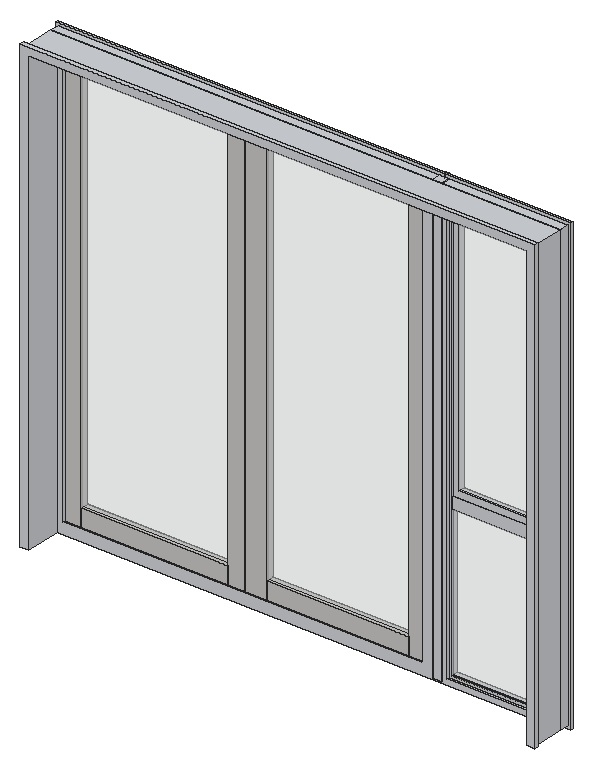
Revit family "APL Residential Thermal Heart French Door with Sidelight", category Doors, host Wall, Revit 2017 (continued)
Definition of nested family "APL Residential Thermal Heart French Door with Sidelight Horizontal Section"
  Definition of nested family "Coupling Bar"
    Definition of nested family "Frame Sash"
      Definition of nested family "65180_Sidelight Frame"
        Lines and regions (mm)
          model lines, in view "Ref. Level"
            curve 24: arc (-17.461, -31.812, 0) -> (-17.612, -31.906, 0) -> (-17.78, -31.961, 0) r 0.737
            curve 25: arc (-17.78, -31.961, 0) -> (-17.992, -32.058, 0) -> (-18.137, -32.24, 0) r 0.5
            curve 26: arc (-18.137, -32.24, 0) -> (-18.305, -33, 0) -> (-18.136, -33.76, 0) r 1.8
            curve 27: arc (-18.136, -33.76, 0) -> (-17.992, -33.942, 0) -> (-17.781, -34.039, 0) r 0.5
            curve 28: arc (-17.781, -34.039, 0) -> (-17.613, -34.094, 0) -> (-17.462, -34.187, 0) r 0.75
            curve 29: arc (-17.462, -34.187, 0) -> (-16.505, -34.525, 0) -> (-15.548, -34.187, 0) r 1.525
            curve 30: arc (-15.548, -34.187, 0) -> (-14.677, -34.143, 0) -> (-14.353, -34.952, 0) r 0.75
            curve 31: arc (-14.353, -34.952, 0) -> (-14.316, -35.123, 0) -> (-14.159, -35.2, 0) r 0.2
            curve 32: arc (-6.7, -35.2, 0) -> (-6.346, -35.053, 0) -> (-6.2, -34.7, 0) r 0.5
            curve 33: arc (-6.2, -32.7, 0) -> (-5.175, -30.225, 0) -> (-2.7, -29.2, 0) r 3.5
            curve 34: arc (-0.2, -29.2, 0) -> (-0.059, -29.141, 0) -> (0, -29, 0) r 0.2
            curve 35: arc (0, -28.883, 0) -> (0.199, -28.578, 0) -> (-0.043, -28.305, 0) r 0.3
            curve 36: arc (-0.043, -28.305, 0) -> (-0.181, -28.239, 0) -> (-0.268, -28.113, 0) r 0.3
            curve 37: arc (-0.782, -26.703, 0) -> (-0.738, -26.417, 0) -> (-0.474, -26.301, 0) r 0.3
            curve 38: arc (1.892, -26.508, 0) -> (1.992, -26.535, 0) -> (2.078, -26.595, 0) r 0.3
            curve 39: arc (2.441, -26.959, 0) -> (2.493, -27.152, 0) -> (2.352, -27.293, 0) r 0.2
            curve 40: arc (2.184, -27.338, 0) -> (2.095, -27.39, 0) -> (2.043, -27.479, 0) r 0.2
            curve 41: arc (1.5, -29.7, 0) -> (1.693, -29.98, 0) -> (2.024, -29.9, 0) r 0.3
            curve 42: arc (2.024, -29.9, 0) -> (2.125, -29.826, 0) -> (2.247, -29.8, 0) r 0.3
            curve 43: arc (6.25, -29.994, 0) -> (6.422, -29.958, 0) -> (6.5, -29.8, 0) r 0.2
            curve 44: arc (6.5, -29.279, 0) -> (6.489, -29.198, 0) -> (6.456, -29.123, 0) r 0.3
            curve 45: arc (5.691, -27.869, 0) -> (5.521, -27.872, 0) -> (5.389, -27.766, 0) r 0.25
            curve 46: arc (5.337, -27.68, 0) -> (5.332, -27.428, 0) -> (5.55, -27.3, 0) r 0.25
            curve 47: arc (7.125, -27.3, 0) -> (7.522, -27.382, 0) -> (7.854, -27.615, 0) r 1
            curve 48: arc (7.854, -27.615, 0) -> (8, -27.678, 0) -> (8.146, -27.615, 0) r 0.2
            curve 49: arc (8.146, -27.615, 0) -> (8.477, -27.382, 0) -> (8.874, -27.3, 0) r 1
            curve 50: arc (10.45, -27.3, 0) -> (10.668, -27.427, 0) -> (10.663, -27.68, 0) r 0.25
            curve 51: arc (10.611, -27.766, 0) -> (10.479, -27.872, 0) -> (10.309, -27.869, 0) r 0.25
            curve 52: arc (9.544, -29.123, 0) -> (9.511, -29.198, 0) -> (9.5, -29.279, 0) r 0.3
            curve 53: arc (9.5, -29.8, 0) -> (9.578, -29.958, 0) -> (9.75, -29.994, 0) r 0.2
            curve 54: arc (13.753, -29.8, 0) -> (13.875, -29.826, 0) -> (13.976, -29.9, 0) r 0.3
            curve 55: arc (13.976, -29.9, 0) -> (14.307, -29.98, 0) -> (14.5, -29.7, 0) r 0.3
            curve 56: arc (13.957, -27.479, 0) -> (13.905, -27.39, 0) -> (13.816, -27.338, 0) r 0.2
            curve 57: arc (13.648, -27.293, 0) -> (13.507, -27.152, 0) -> (13.559, -26.959, 0) r 0.2
            curve 58: line (14.108, -26.508, 0) -> (16.474, -26.301, 0)
            curve 59: line (16.782, -26.703, 0) -> (16.268, -28.113, 0)
            curve 60: line (16, -28.883, 0) -> (16, -33, 0)
            curve 61: line (15.8, -33.2, 0) -> (15.5, -33.2, 0)
            curve 62: line (14.98, -32.9, 0) -> (14.345, -31.8, 0)
            curve 63: line (14.172, -31.7, 0) -> (-2.699, -31.7, 0)
            curve 64: line (-3.7, -32.7, 0) -> (-3.7, -34.764, 0)
            curve 65: line (-3.554, -35.118, 0) -> (1.791, -40.463, 0)
            curve 66: line (2.463, -40.755, 0) -> (14, -41.158, 0)
            curve 67: line (14, -41.158, 0) -> (14.935, -41.178, 0)
            curve 68: line (15.621, -40.835, 0) -> (15.953, -41.231, 0)
            curve 69: line (15.953, -41.231, 0) -> (16, -42.3, 0)
            curve 70: line (15.8, -42.5, 0) -> (2.243, -42.5, 0)
            curve 71: line (0.121, -41.621, 0) -> (-4.121, -37.379, 0)
            curve 72: line (-6.243, -36.5, 0) -> (-19, -36.5, 0)
            curve 73: line (-20, -35.5, 0) -> (-20, -29.708, 0)
            curve 74: line (-19.8, -29.5, 0) -> (-19, -29.5, 0)
            curve 75: line (-18.8, -29.7, 0) -> (-18.8, -29.995, 0)
            curve 76: line (-14.159, -35.2, 0) -> (-6.7, -35.2, 0)
            curve 77: line (-6.2, -34.7, 0) -> (-6.2, -32.7, 0)
            curve 78: line (-2.7, -29.2, 0) -> (-0.2, -29.2, 0)
            curve 79: line (-0.268, -28.113, 0) -> (-0.782, -26.703, 0)
            curve 80: line (-0.474, -26.301, 0) -> (1.892, -26.508, 0)
            curve 81: line (2.078, -26.595, 0) -> (2.441, -26.959, 0)
            curve 82: line (2.352, -27.293, 0) -> (2.184, -27.338, 0)
            curve 83: line (2.184, -27.338, 0) -> (1.51, -29.468, 0)
            curve 84: line (1.51, -29.468, 0) -> (1.5, -29.7, 0)
            curve 85: line (2.247, -29.8, 0) -> (5.475, -29.8, 0)
            curve 86: line (5.475, -29.8, 0) -> (6.25, -29.994, 0)
            curve 87: line (6.5, -29.8, 0) -> (6.5, -29.279, 0)
            curve 88: line (6.5, -29.279, 0) -> (5.691, -27.869, 0)
            curve 89: line (5.55, -27.3, 0) -> (7.125, -27.3, 0)
            curve 90: line (8.874, -27.3, 0) -> (10.45, -27.3, 0)
            curve 91: line (10.309, -27.869, 0) -> (9.544, -29.123, 0)
            curve 92: line (9.544, -29.123, 0) -> (9.5, -29.8, 0)
            curve 93: line (9.75, -29.994, 0) -> (10.5, -29.8, 0)
            curve 94: line (10.475, -29.806, 0) -> (13.753, -29.8, 0)
            curve 95: line (14.5, -29.546, 0) -> (13.957, -27.479, 0)
            curve 96: line (13.957, -27.479, 0) -> (13.648, -27.293, 0)
            curve 97: line (13.559, -26.959, 0) -> (13.922, -26.595, 0)
            curve 98: arc (5.6, -29.8, 0) -> (5.883, -29.683, 0) -> (6, -29.4, 0) r 0.4
            curve 99: arc (6, -29.107, 0) -> (5.986, -29.004, 0) -> (5.946, -28.907, 0) r 0.4
            curve 100: arc (5.061, -27.379, 0) -> (4.941, -27.089, 0) -> (4.9, -26.778, 0) r 1.2
            curve 101: arc (4.9, -25.855, 0) -> (4.719, -25.282, 0) -> (4.242, -24.916, 0) r 1
            curve 102: arc (2.063, -24.123, 0) -> (1.872, -23.976, 0) -> (1.8, -23.747, 0) r 0.4
            curve 103: arc (1.8, -21.053, 0) -> (1.872, -20.824, 0) -> (2.063, -20.677, 0) r 0.4
            curve 104: arc (4.242, -19.884, 0) -> (4.719, -19.518, 0) -> (4.9, -18.945, 0) r 1
            curve 105: arc (4.9, -18.022, 0) -> (4.941, -17.711, 0) -> (5.061, -17.421, 0) r 1.2
            curve 106: arc (5.946, -15.893, 0) -> (5.986, -15.796, 0) -> (6, -15.693, 0) r 0.4
            curve 107: arc (6, -15.4, 0) -> (5.883, -15.117, 0) -> (5.6, -15, 0) r 0.4
            curve 108: arc (2.2, -15, 0) -> (1.917, -15.117, 0) -> (1.8, -15.4, 0) r 0.4
            curve 109: arc (1.8, -15.693, 0) -> (1.814, -15.796, 0) -> (1.854, -15.893, 0) r 0.4
            curve 110: arc (2.739, -17.421, 0) -> (2.86, -17.715, 0) -> (2.9, -18.03, 0) r 1.2
            curve 111: arc (2.9, -18.03, 0) -> (2.847, -18.205, 0) -> (2.703, -18.316, 0) r 0.3
            curve 112: arc (0.263, -19.204, 0) -> (0.072, -19.351, 0) -> (0, -19.58, 0) r 0.4
            curve 113: arc (0, -25.22, 0) -> (0.072, -25.449, 0) -> (0.263, -25.596, 0) r 0.4
            curve 114: arc (2.703, -26.484, 0) -> (2.847, -26.595, 0) -> (2.9, -26.77, 0) r 0.3
            curve 115: arc (2.9, -26.77, 0) -> (2.86, -27.085, 0) -> (2.739, -27.379, 0) r 1.2
            curve 116: arc (1.854, -28.907, 0) -> (1.814, -29.004, 0) -> (1.8, -29.107, 0) r 0.4
            curve 117: arc (1.8, -29.4, 0) -> (1.917, -29.683, 0) -> (2.2, -29.8, 0) r 0.4
            curve 118: line (6, -29.4, 0) -> (6, -29.107, 0)
            curve 119: line (5.946, -28.907, 0) -> (5.061, -27.379, 0)
            curve 120: line (4.9, -26.778, 0) -> (4.9, -25.855, 0)
            curve 121: line (4.242, -24.916, 0) -> (2.063, -24.123, 0)
            curve 122: line (1.8, -23.747, 0) -> (1.8, -21.053, 0)
            curve 123: line (2.063, -20.677, 0) -> (4.242, -19.884, 0)
            curve 124: line (4.9, -18.945, 0) -> (4.9, -18.022, 0)
            curve 125: line (5.061, -17.421, 0) -> (5.946, -15.893, 0)
            curve 126: line (6, -15.693, 0) -> (6, -15.4, 0)
            curve 127: line (5.6, -15, 0) -> (2.2, -15, 0)
            curve 128: line (1.8, -15.4, 0) -> (1.8, -15.693, 0)
            curve 129: line (1.854, -15.893, 0) -> (2.739, -17.421, 0)
            curve 130: line (2.703, -18.316, 0) -> (0.263, -19.204, 0)
            curve 131: line (0, -19.58, 0) -> (0, -25.22, 0)
            curve 132: line (0.263, -25.596, 0) -> (2.703, -26.484, 0)
            curve 133: line (2.739, -27.379, 0) -> (1.854, -28.907, 0)
            curve 134: line (1.8, -29.107, 0) -> (1.8, -29.4, 0)
            curve 135: line (2.2, -29.8, 0) -> (5.6, -29.8, 0)
            curve 136: arc (10.4, -29.8, 0) -> (10.117, -29.683, 0) -> (10, -29.4, 0) r 0.4
            curve 137: arc (10, -29.107, 0) -> (10.014, -29.004, 0) -> (10.054, -28.907, 0) r 0.4
            curve 138: arc (10.939, -27.379, 0) -> (11.059, -27.089, 0) -> (11.1, -26.778, 0) r 1.2
            curve 139: arc (11.1, -25.855, 0) -> (11.281, -25.282, 0) -> (11.758, -24.916, 0) r 1
            curve 140: arc (13.937, -24.123, 0) -> (14.128, -23.976, 0) -> (14.2, -23.747, 0) r 0.4
            curve 141: arc (14.2, -21.053, 0) -> (14.128, -20.824, 0) -> (13.937, -20.677, 0) r 0.4
            curve 142: arc (11.758, -19.884, 0) -> (11.281, -19.518, 0) -> (11.1, -18.945, 0) r 1
            curve 143: arc (11.1, -18.022, 0) -> (11.059, -17.711, 0) -> (10.939, -17.421, 0) r 1.2
            curve 144: arc (10.054, -15.893, 0) -> (10.014, -15.796, 0) -> (10, -15.693, 0) r 0.4
            curve 145: arc (10, -15.4, 0) -> (10.117, -15.117, 0) -> (10.4, -15, 0) r 0.4
            curve 146: arc (13.8, -15, 0) -> (14.083, -15.117, 0) -> (14.2, -15.4, 0) r 0.4
            curve 147: arc (14.2, -15.693, 0) -> (14.186, -15.796, 0) -> (14.146, -15.893, 0) r 0.4
            curve 148: arc (13.261, -17.421, 0) -> (13.14, -17.715, 0) -> (13.1, -18.03, 0) r 1.2
            curve 149: arc (13.1, -18.03, 0) -> (13.153, -18.205, 0) -> (13.297, -18.316, 0) r 0.3
            curve 150: arc (15.737, -19.204, 0) -> (15.928, -19.351, 0) -> (16, -19.58, 0) r 0.4
            curve 151: arc (16, -25.22, 0) -> (15.928, -25.449, 0) -> (15.737, -25.596, 0) r 0.4
            curve 152: arc (13.297, -26.484, 0) -> (13.153, -26.595, 0) -> (13.1, -26.77, 0) r 0.3
            curve 153: arc (13.1, -26.77, 0) -> (13.14, -27.085, 0) -> (13.261, -27.379, 0) r 1.2
            curve 154: arc (14.146, -28.907, 0) -> (14.186, -29.004, 0) -> (14.2, -29.107, 0) r 0.4
            curve 155: arc (14.2, -29.4, 0) -> (14.083, -29.683, 0) -> (13.8, -29.8, 0) r 0.4
            curve 156: line (10, -29.4, 0) -> (10, -29.107, 0)
            curve 157: line (10.054, -28.907, 0) -> (10.939, -27.379, 0)
            curve 158: line (11.1, -26.778, 0) -> (11.1, -25.855, 0)
            curve 159: line (11.758, -24.916, 0) -> (13.937, -24.123, 0)
            curve 160: line (14.2, -23.747, 0) -> (14.2, -21.053, 0)
            curve 161: line (13.937, -20.677, 0) -> (11.758, -19.884, 0)
            curve 162: line (11.1, -18.945, 0) -> (11.1, -18.022, 0)
            curve 163: line (10.939, -17.421, 0) -> (10.054, -15.893, 0)
            curve 164: line (10, -15.693, 0) -> (10, -15.4, 0)
            curve 165: line (10.4, -15, 0) -> (13.8, -15, 0)
            curve 166: line (14.2, -15.4, 0) -> (14.2, -15.693, 0)
            curve 167: line (14.146, -15.893, 0) -> (13.261, -17.421, 0)
            curve 168: line (13.297, -18.316, 0) -> (15.737, -19.204, 0)
            curve 169: line (16, -19.58, 0) -> (16, -25.22, 0)
            curve 170: line (15.737, -25.596, 0) -> (13.297, -26.484, 0)
            curve 171: line (13.261, -27.379, 0) -> (14.146, -28.907, 0)
            curve 172: line (14.2, -29.107, 0) -> (14.2, -29.4, 0)
            curve 173: line (13.8, -29.8, 0) -> (10.4, -29.8, 0)
            curve 174: arc (20.188, 16.327, 0) -> (20.255, 16.451, 0) -> (20.387, 16.5, 0) r 0.2
            curve 175: arc (20.7, 16.5, 0) -> (20.841, 16.559, 0) -> (20.9, 16.7, 0) r 0.2
            curve 176: arc (20.9, 20, 0) -> (21.4, 20.5, 0) -> (21.9, 20, 0) r 0.5
            curve 177: arc (21.9, 16.5, 0) -> (21.349, 14.768, 0) -> (19.9, 13.672, 0) r 3
            curve 178: arc (19.9, 13.672, 0) -> (18.451, 12.575, 0) -> (17.9, 10.843, 0) r 3
            curve 179: arc (17.9, 6.583, 0) -> (18.701, 4.543, 0) -> (20.676, 3.592, 0) r 3
            curve 180: arc (34.8, 3.5, 0) -> (34.941, 3.441, 0) -> (35, 3.3, 0) r 0.2
            curve 181: arc (35, 0.2, 0) -> (34.941, 0.059, 0) -> (34.8, 0, 0) r 0.2
            curve 182: arc (33.25, 0, 0) -> (32.749, 0.499, 0) -> (33.249, 1, 0) r 0.5
            curve 183: arc (29.249, 1, 0) -> (29.749, 0.5, 0) -> (29.249, 0, 0) r 0.5
            curve 184: arc (28.5, 0, 0) -> (27.793, 0.293, 0) -> (27.5, 1, 0) r 1
            curve 185: arc (27.5, 1.9, 0) -> (27.441, 2.041, 0) -> (27.3, 2.1, 0) r 0.2
            curve 186: arc (16.2, 2.1, 0) -> (16.059, 2.041, 0) -> (16, 1.9, 0) r 0.2
            curve 187: arc (16, -15.917, 0) -> (15.801, -16.222, 0) -> (16.043, -16.495, 0) r 0.3
            curve 188: arc (16.043, -16.495, 0) -> (16.181, -16.561, 0) -> (16.268, -16.687, 0) r 0.3
            curve 189: arc (16.782, -18.097, 0) -> (16.738, -18.383, 0) -> (16.474, -18.499, 0) r 0.3
            curve 190: arc (14.108, -18.292, 0) -> (14.008, -18.265, 0) -> (13.922, -18.205, 0) r 0.3
            curve 191: arc (13.559, -17.841, 0) -> (13.507, -17.648, 0) -> (13.648, -17.507, 0) r 0.2
            curve 192: arc (13.816, -17.462, 0) -> (13.905, -17.41, 0) -> (13.957, -17.321, 0) r 0.2
            curve 193: arc (14.5, -15.1, 0) -> (14.307, -14.82, 0) -> (13.976, -14.9, 0) r 0.3
            curve 194: arc (13.976, -14.9, 0) -> (13.875, -14.974, 0) -> (13.753, -15, 0) r 0.3
            curve 195: arc (9.75, -14.806, 0) -> (9.578, -14.842, 0) -> (9.5, -15, 0) r 0.2
            curve 196: arc (9.5, -15.521, 0) -> (9.511, -15.602, 0) -> (9.544, -15.677, 0) r 0.3
            curve 197: arc (10.309, -16.931, 0) -> (10.479, -16.928, 0) -> (10.611, -17.034, 0) r 0.25
            curve 198: arc (10.663, -17.12, 0) -> (10.668, -17.372, 0) -> (10.45, -17.5, 0) r 0.25
            curve 199: arc (8.874, -17.5, 0) -> (8.477, -17.418, 0) -> (8.146, -17.185, 0) r 1
            curve 200: arc (8.146, -17.185, 0) -> (8, -17.122, 0) -> (7.854, -17.185, 0) r 0.2
            curve 201: arc (7.854, -17.185, 0) -> (7.523, -17.418, 0) -> (7.126, -17.5, 0) r 1
            curve 202: arc (5.55, -17.5, 0) -> (5.332, -17.372, 0) -> (5.337, -17.12, 0) r 0.25
            curve 203: arc (5.389, -17.034, 0) -> (5.521, -16.928, 0) -> (5.691, -16.931, 0) r 0.25
            curve 204: arc (6.456, -15.677, 0) -> (6.489, -15.602, 0) -> (6.5, -15.521, 0) r 0.3
            curve 205: arc (6.5, -15, 0) -> (6.422, -14.842, 0) -> (6.25, -14.806, 0) r 0.2
            curve 206: arc (2.247, -15, 0) -> (2.125, -14.974, 0) -> (2.024, -14.9, 0) r 0.3
            curve 207: arc (2.024, -14.9, 0) -> (1.693, -14.82, 0) -> (1.5, -15.1, 0) r 0.3
            curve 208: arc (2.043, -17.321, 0) -> (2.095, -17.41, 0) -> (2.184, -17.462, 0) r 0.2
            curve 209: arc (2.352, -17.507, 0) -> (2.493, -17.648, 0) -> (2.441, -17.841, 0) r 0.2
            curve 210: arc (2.078, -18.205, 0) -> (1.992, -18.265, 0) -> (1.892, -18.292, 0) r 0.3
            curve 211: arc (-0.474, -18.499, 0) -> (-0.738, -18.383, 0) -> (-0.782, -18.097, 0) r 0.3
            curve 212: arc (-0.268, -16.687, 0) -> (-0.181, -16.561, 0) -> (-0.043, -16.495, 0) r 0.3
            curve 213: arc (-0.043, -16.495, 0) -> (0.199, -16.222, 0) -> (0, -15.917, 0) r 0.3
            curve 214: arc (0, -14.1, 0) -> (0.293, -13.393, 0) -> (1, -13.1, 0) r 1
            curve 215: arc (13.8, -13.1, 0) -> (13.941, -13.041, 0) -> (14, -12.9, 0) r 0.2
            curve 216: arc (14, -4.691, 0) -> (13.854, -4.337, 0) -> (13.5, -4.191, 0) r 0.5
            curve 217: arc (10.076, -4.191, 0) -> (9.722, -4.044, 0) -> (9.575, -3.691, 0) r 0.501
            curve 218: arc (9.575, 3, 0) -> (9.634, 3.141, 0) -> (9.775, 3.2, 0) r 0.2
            curve 219: arc (10.775, 3.2, 0) -> (10.916, 3.141, 0) -> (10.975, 3, 0) r 0.2
            curve 220: arc (10.975, 1.817, 0) -> (11.068, 1.527, 0) -> (11.311, 1.345, 0) r 0.5
            curve 221: arc (11.311, 1.345, 0) -> (11.841, 0.791, 0) -> (11.698, 0.038, 0) r 0.837
            curve 222: arc (11.698, 0.038, 0) -> (11.375, -0.9, 0) -> (11.698, -1.838, 0) r 1.525
            curve 223: arc (11.698, -1.838, 0) -> (11.797, -2, 0) -> (11.857, -2.18, 0) r 0.837
            curve 224: arc (11.857, -2.18, 0) -> (11.954, -2.386, 0) -> (12.133, -2.528, 0) r 0.5
            curve 225: arc (12.133, -2.528, 0) -> (12.9, -2.7, 0) -> (13.667, -2.528, 0) r 1.8
            curve 226: arc (13.667, -2.528, 0) -> (13.846, -2.386, 0) -> (13.943, -2.18, 0) r 0.5
            curve 227: arc (13.943, -2.18, 0) -> (14.003, -2, 0) -> (14.102, -1.838, 0) r 0.837
            curve 228: arc (14.102, -1.838, 0) -> (14.425, -0.9, 0) -> (14.102, 0.038, 0) r 1.525
            curve 229: arc (14.102, 0.038, 0) -> (13.936, 0.688, 0) -> (14.3, 1.252, 0) r 0.837
            curve 230: arc (14.3, 1.9, 0) -> (14.794, 3.178, 0) -> (16.019, 3.791, 0) r 1.9
            curve 231: arc (16.019, 3.791, 0) -> (16.148, 3.856, 0) -> (16.2, 3.99, 0) r 0.2
            curve 232: arc (16.2, 11.8, 0) -> (16.141, 11.941, 0) -> (16, 12, 0) r 0.2
            curve 233: arc (15.2, 12, 0) -> (14.7, 12.5, 0) -> (15.2, 13, 0) r 0.5
            curve 234: arc (16, 13, 0) -> (16.141, 13.059, 0) -> (16.2, 13.2, 0) r 0.2
            curve 235: arc (16.2, 14.8, 0) -> (16.141, 14.941, 0) -> (16, 15, 0) r 0.2
            curve 236: arc (11.266, 15, 0) -> (11.15, 14.963, 0) -> (11.077, 14.867, 0) r 0.2
            curve 237: arc (11.077, 14.867, 0) -> (10.7, 14.6, 0) -> (10.323, 14.867, 0) r 0.4
            curve 238: arc (10.323, 14.867, 0) -> (10.25, 14.963, 0) -> (10.134, 15, 0) r 0.2
            curve 239: arc (5.4, 15, 0) -> (5.259, 14.941, 0) -> (5.2, 14.8, 0) r 0.2
            curve 240: arc (5.2, 13.2, 0) -> (5.259, 13.059, 0) -> (5.4, 13, 0) r 0.2
            curve 241: arc (6.2, 13, 0) -> (6.7, 12.5, 0) -> (6.2, 12, 0) r 0.5
            curve 242: arc (5.2, 12, 0) -> (4.493, 12.293, 0) -> (4.2, 13, 0) r 1
            curve 243: arc (4.2, 14.8, 0) -> (4.141, 14.941, 0) -> (4, 15, 0) r 0.2
            curve 244: arc (1, 15, 0) -> (0.293, 15.293, 0) -> (0, 16, 0) r 1
            curve 245: arc (0, 26.5, 0) -> (0.7, 27.2, 0) -> (1.4, 26.5, 0) r 0.7
            curve 246: arc (1.4, 16.7, 0) -> (1.459, 16.559, 0) -> (1.6, 16.5, 0) r 0.2
            curve 247: line (20.387, 16.5, 0) -> (20.7, 16.5, 0)
            curve 248: line (20.9, 16.7, 0) -> (20.9, 20, 0)
            curve 249: line (21.9, 20, 0) -> (21.9, 16.5, 0)
            curve 250: line (17.9, 10.843, 0) -> (17.9, 6.583, 0)
            curve 251: line (20.676, 3.592, 0) -> (21.9, 3.5, 0)
            curve 252: line (21.9, 3.5, 0) -> (34.8, 3.5, 0)
            curve 253: line (35, 3.3, 0) -> (35, 0.2, 0)
            curve 254: line (34.8, 0, 0) -> (33.25, 0, 0)
            curve 255: line (33.249, 1, 0) -> (34, 1, 0)
            curve 256: line (34, 1, 0) -> (34, 2.5, 0)
            curve 257: line (34, 2.5, 0) -> (28.5, 2.5, 0)
            curve 258: line (28.5, 2.5, 0) -> (28.5, 1, 0)
            curve 259: line (28.5, 1, 0) -> (29.249, 1, 0)
            curve 260: line (29.249, 0, 0) -> (28.5, 0, 0)
            curve 261: line (27.5, 1, 0) -> (27.5, 1.9, 0)
            curve 262: line (27.3, 2.1, 0) -> (16.2, 2.1, 0)
            curve 263: line (16, 1.9, 0) -> (16, -8.2, 0)
            curve 264: line (16, -8.2, 0) -> (15.6, -8.6, 0)
            curve 265: line (15.6, -8.6, 0) -> (16, -9, 0)
            curve 266: line (16, -9, 0) -> (16, -15.917, 0)
            curve 267: line (16.268, -16.687, 0) -> (16.782, -18.097, 0)
            curve 268: line (16.474, -18.499, 0) -> (14.108, -18.292, 0)
            curve 269: line (13.922, -18.205, 0) -> (13.559, -17.841, 0)
            curve 270: line (13.648, -17.507, 0) -> (13.816, -17.462, 0)
            curve 271: line (13.816, -17.462, 0) -> (14.49, -15.332, 0)
            curve 272: line (14.49, -15.332, 0) -> (14.5, -15.1, 0)
            curve 273: line (13.753, -15, 0) -> (10.525, -15, 0)
            curve 274: line (10.525, -15, 0) -> (9.75, -14.806, 0)
            curve 275: line (9.5, -15, 0) -> (9.5, -15.521, 0)
            curve 276: line (9.5, -15.521, 0) -> (10.309, -16.931, 0)
            curve 277: line (10.45, -17.5, 0) -> (8.874, -17.5, 0)
            curve 278: line (7.126, -17.5, 0) -> (5.55, -17.5, 0)
            curve 279: line (5.691, -16.931, 0) -> (6.456, -15.677, 0)
            curve 280: line (6.456, -15.677, 0) -> (6.5, -15, 0)
            curve 281: line (6.25, -14.806, 0) -> (5.525, -14.994, 0)
            curve 282: line (5.525, -14.994, 0) -> (2.247, -15, 0)
            curve 283: line (1.5, -15.254, 0) -> (2.043, -17.321, 0)
            curve 284: line (2.043, -17.321, 0) -> (2.352, -17.507, 0)
            curve 285: line (2.441, -17.841, 0) -> (2.078, -18.205, 0)
            curve 286: line (1.892, -18.292, 0) -> (-0.474, -18.499, 0)
            curve 287: line (-0.782, -18.097, 0) -> (-0.268, -16.687, 0)
            curve 288: line (0, -15.917, 0) -> (0, -14.1, 0)
            curve 289: line (1, -13.1, 0) -> (13.8, -13.1, 0)
            curve 290: line (14, -12.9, 0) -> (14, -4.691, 0)
            curve 291: line (13.5, -4.191, 0) -> (10.076, -4.191, 0)
            curve 292: line (9.575, -3.691, 0) -> (9.575, 3, 0)
            curve 293: line (9.775, 3.2, 0) -> (10.775, 3.2, 0)
            curve 294: line (10.975, 3, 0) -> (10.975, 1.817, 0)
            curve 295: line (14.3, 1.252, 0) -> (14.3, 1.9, 0)
            curve 296: line (16.2, 3.99, 0) -> (16.2, 11.8, 0)
            curve 297: line (16, 12, 0) -> (15.2, 12, 0)
            curve 298: line (15.2, 13, 0) -> (16, 13, 0)
            curve 299: line (16.2, 13.2, 0) -> (16.2, 14.8, 0)
            curve 300: line (16, 15, 0) -> (11.266, 15, 0)
            curve 301: line (10.134, 15, 0) -> (5.4, 15, 0)
            curve 302: line (5.2, 14.8, 0) -> (5.2, 13.2, 0)
            curve 303: line (5.4, 13, 0) -> (6.2, 13, 0)
            curve 304: line (6.2, 12, 0) -> (5.2, 12, 0)
            curve 305: line (4.2, 13, 0) -> (4.2, 14.8, 0)
            curve 306: line (4, 15, 0) -> (1, 15, 0)
            curve 307: line (0, 16, 0) -> (0, 17.5, 0)
            curve 308: line (0, 17.5, 0) -> (0.4, 17.9, 0)
            curve 309: line (0.4, 17.9, 0) -> (0.4, 23.1, 0)
            curve 310: line (0.4, 23.1, 0) -> (0, 23.5, 0)
            curve 311: line (0, 23.5, 0) -> (0, 26.5, 0)
            curve 312: line (1.4, 26.5, 0) -> (1.4, 16.7, 0)
            curve 313: line (1.6, 16.5, 0) -> (16, 16.5, 0)
            curve 314: arc (16, 16.5, 0) -> (17.228, 15.975, 0) -> (17.698, 14.725, 0) r 1.7
            curve 315: arc (17.698, 14.725, 0) -> (17.806, 14.538, 0) -> (18.021, 14.558, 0) r 0.2
            curve 316: arc (18.021, 14.558, 0) -> (18.648, 14.969, 0) -> (19.333, 15.274, 0) r 4.7
            curve 317: arc (19.333, 15.274, 0) -> (19.909, 15.68, 0) -> (20.188, 16.327, 0) r 1.3
        Text (mm)
          text "65180" at (37.391, 26.006, 0), in view "Ref. Level"
Definition of nested family "APL Residential Thermal Heart Sidelight Vertical Section"
  Parameters (values of type "Groove")
    Liner End [instance] = 10 mm
    Liner Block = Liner : Liner
    Liner [instance] = 100 mm
    Groove [instance] = 10 mm
    Glazing Bead Lenght [instance] = Fixed - 39 mm  # 761 mm
    Glass Length [instance] = Awning - 97 mm  # 1103 mm
    Fixed [instance] = 800 mm
    Box Width [instance] = 2000 mm
    Awning [instance] = Box Width - 800 mm  # 1200 mm
  Types (2, lengths in mm): name | Liner Block
    Groove | Liner : Liner
    No Groove | Liner No Groove : Liner No Groove
  Reference planes
    plane 1: z = 0
    plane 2: x = -342.155
    plane 3: y = 631.312
    plane 4: y = -168.688
    plane 5: y = 1831.312
    plane 6: x = -288.955
    plane 7: x = -288.979
    plane 8: y = -176.722
    plane 9: x = -317.979
  Dimensions and locks
    "Box Width": plane 4 to plane 5
    locked: nested 2 to nested 3 at 14.396
    locked: nested 5 to nested 3 at 6.5
    locked: nested 5 to plane 5 at 51.5
    nested 8 to nested 4 = 6 mm
    locked: plane 3 to nested 4 at 45
    locked: nested 6 to nested 7 at 6.327
    locked: plane 4 to nested 7 at 22.327
    locked: nested 9 to nested 8 at 6.325
    locked: nested 9 to plane 3 at 16.325
    nested 8 to nested 8 to nested 8 = 29 mm locked, 29 mm locked
    locked: nested 1 to nested 6 at 14.396
    "Liner": nested 2 to plane 6
    "Liner": plane 7 to nested 1
    locked: nested 6 to plane 9 at 5
    locked: plane 4 to plane 8 at 8.034
    "Awning": plane 3 to plane 5
    "Fixed": plane 3 to plane 4
    aligned and locked: plane 5 to nested 3
    aligned and locked: plane 6 to nested 2
    aligned and locked: plane 7 to nested 1
  Nested families
    nested 1: "Liner" at (-288.979, -148.085, 0), type <- "Liner Block", type "Liner", in view "Left", detail levels medium
      with built-in parameter 1001306 0.32808 (stored number, unit not read), Groove 10 mm, End Liner 10 mm
    nested 2: "Liner" at (-288.955, 1810.708, 0), type <- "Liner Block", type "Liner", in view "Left", detail levels medium
      with built-in parameter 1001306 0.32808 (stored number, unit not read), Groove 10 mm, End Liner 10 mm
    nested 3: "Frame Sash" at (-330.155, 1779.812, 0), type "Frame Sash", in view "Left", detail levels medium
    nested 4: "Glass" at (-329.155, 676.312, 0), Glass Lenght <- "Glass Length", type "Glass", in view "Left", detail levels medium
      with Glass Lenght 1103 mm
    nested 5: "Glass" at (-329.155, 1779.812, 0), Glass Lenght <- "Glass Length", type "Glass", in view "Left", detail levels medium
      with Glass Lenght 1103 mm
    nested 6: "65000_Frame" at (-295.679, -152.688, 0), type "65000_Frame", in view "Left", detail levels medium
    nested 7: "Glazing Bead" at (-320.479, -146.361, 0), Glass Lenght <- "Glazing Bead Lenght", type "Glazing Bead", in view "Left", detail levels medium
      with Glass Lenght 761 mm
    nested 8: "Sash Mullion-Transom" at (-295.655, 631.312, 0), type "Sash Mullion-Transom", in view "Left", detail levels medium
    nested 9: "Glazing Bead" at (-320.479, 614.986, 0), Glass Lenght <- "Glazing Bead Lenght", type "Glazing Bead", in view "Left", detail levels medium
      with Glass Lenght 761 mm
  Definition of nested family "Liner"
    Parameters (values of type "Liner")
      Type Image = (empty or 0)
      built-in parameter 1001306 [instance] = 100 mm
      Groove [instance] = 10 mm
      End Liner [instance] = 10 mm
    Reference planes
      plane 1 "Center (Front/Back)": y = 0
      plane 2: z = 0
      plane 3 "Left": x = 0
      plane 4 "Right": x = 100
    Lines and regions (mm)
      Filled region 1, type "Brick", in view "Ref. Level"
        outline origin (0, 0, 0) x (1, 0, 0) y (0, 1, 0)
          loop
            line (0, 0) -> (120, 0) -> (120, 19) -> (110, 19) -> (110, 13.435) -> (100, 13.435) -> (100, 19) -> (0, 19) -> (0, 0)
      reference lines, in view "Ref. Level"
        curve 1: line (0, 0, 0) -> (100, 0, 0)
      detail lines, in view "Ref. Level", detail levels fine
        curve 2: line (100, 0, 0) -> (0, 0, 0)
    Dimensions and locks
      "built-in parameter 1001306": plane 3 "Left" to plane 4 "Right"
      locked: Filled region 1 to curve 2 at 19
      "Groove": plane 4 "Right" to Filled region 1
      "End Liner": Filled region 1 to Filled region 1
      aligned and locked: plane 1 "Center (Front/Back)" to curve 1
      aligned and locked: plane 3 "Left" to curve 1
      aligned and locked: plane 4 "Right" to curve 1
      aligned and locked: curve 1 to Filled region 1
      aligned and locked: plane 1 "Center (Front/Back)" to Filled region 1
      aligned and locked: Filled region 1 to plane 3 "Left"
    Automatic sketch dimensions
      curve 2 to plane 4 "Right" = 0 mm
      Filled region 1 sketch curve to plane 3 "Left" = 0 mm
      Filled region 1 sketch curve to plane 4 "Right" = 0 mm
      Filled region 1 sketch curve to Filled region 1 sketch curve = 10 mm  (x2)
      Filled region 1 sketch curve to plane 1 "Center (Front/Back)" = 0 mm
      Filled region 1 sketch curve to plane 1 "Center (Front/Back)" = 13.435 mm
      Filled region 1 sketch curve to Filled region 1 sketch curve = 5.565 mm  (x2)
      curve 2 to plane 3 "Left" = 0 mm
  Definition of nested family "Frame Sash"
    Reference planes
      plane 1 "Center (Front/Back)": y = 0
      plane 2: z = 0
      plane 3 "Center (Left/Right)": x = 0
    Dimensions and locks
      locked: nested 2 to nested 1 at 13
    Nested families
      nested 1: "65000_Frame" at (34.5, 35.5, 0), type "65000_Frame", in view "Ref. Level"
      nested 2: "65720_Sash" at (-6.3, 14.5, 0), type "65720_Sash", in view "Ref. Level"
    Definition of nested family "65000_Frame"
      Reference planes
        plane 1 "Center (Front/Back)": y = 0
        plane 2: z = 0
        plane 3 "Center (Left/Right)": x = 0
      Lines and regions (mm)
        detail lines, in view "Ref. Level"
          curve 1: arc (-24.395, 2.078, 0) -> (-24.335, 1.992, 0) -> (-24.308, 1.892, 0) r 0.3
          curve 2: arc (-24.101, -0.474, 0) -> (-24.217, -0.738, 0) -> (-24.503, -0.782, 0) r 0.3
          curve 3: arc (-25.913, -0.268, 0) -> (-26.039, -0.181, 0) -> (-26.105, -0.043, 0) r 0.3
          curve 4: arc (-26.105, -0.043, 0) -> (-26.378, 0.199, 0) -> (-26.683, 0, 0) r 0.3
          curve 5: arc (-30.8, 0, 0) -> (-30.941, 0.059, 0) -> (-31, 0.2, 0) r 0.2
          curve 6: arc (-31, 0.5, 0) -> (-30.92, 0.8, 0) -> (-30.7, 1.02, 0) r 0.6
          curve 7: arc (-29.6, 1.655, 0) -> (-29.527, 1.728, 0) -> (-29.5, 1.828, 0) r 0.2
          curve 8: arc (-29.5, 18.699, 0) -> (-29.792, 19.407, 0) -> (-30.5, 19.7, 0) r 1
          curve 9: arc (-32.564, 19.7, 0) -> (-32.756, 19.662, 0) -> (-32.918, 19.554, 0) r 0.5
          curve 10: arc (-38.263, 14.209, 0) -> (-38.473, 13.9, 0) -> (-38.555, 13.537, 0) r 1
          curve 11: arc (-38.978, 1.065, 0) -> (-38.943, 0.948, 0) -> (-38.847, 0.873, 0) r 0.2
          curve 12: arc (-38.847, 0.873, 0) -> (-38.679, 0.766, 0) -> (-38.575, 0.597, 0) r 0.45
          curve 13: arc (-38.575, 0.597, 0) -> (-38.571, 0.478, 0) -> (-38.635, 0.379, 0) r 0.2
          curve 14: arc (-40.1, 0, 0) -> (-40.241, 0.059, 0) -> (-40.3, 0.2, 0) r 0.2
          curve 15: arc (-40.3, 13.757, 0) -> (-40.072, 14.905, 0) -> (-39.421, 15.879, 0) r 3
          curve 16: arc (-35.179, 20.121, 0) -> (-34.528, 21.095, 0) -> (-34.3, 22.243, 0) r 3
          curve 17: arc (-34.3, 35, 0) -> (-34.007, 35.707, 0) -> (-33.3, 36, 0) r 1
          curve 18: arc (-27.508, 36, 0) -> (-27.361, 35.944, 0) -> (-27.3, 35.8, 0) r 0.2
          curve 19: arc (-27.3, 35, 0) -> (-27.359, 34.859, 0) -> (-27.5, 34.8, 0) r 0.2
          curve 20: arc (-27.795, 34.8, 0) -> (-28.23, 34.547, 0) -> (-28.224, 34.044, 0) r 0.5
          curve 21: arc (-28.224, 34.044, 0) -> (-27.807, 32.297, 0) -> (-28.463, 30.624, 0) r 3
          curve 22: arc (-28.463, 30.624, 0) -> (-29.5, 30.512, 0) -> (-29.612, 31.549, 0) r 0.737
          curve 23: arc (-29.612, 31.549, 0) -> (-29.275, 32.505, 0) -> (-29.612, 33.461, 0) r 1.525
          curve 24: arc (-29.612, 33.461, 0) -> (-29.706, 33.612, 0) -> (-29.761, 33.78, 0) r 0.737
          curve 25: arc (-29.761, 33.78, 0) -> (-29.858, 33.992, 0) -> (-30.04, 34.137, 0) r 0.5
          curve 26: arc (-30.04, 34.137, 0) -> (-30.8, 34.305, 0) -> (-31.56, 34.136, 0) r 1.8
          curve 27: arc (-31.56, 34.136, 0) -> (-31.742, 33.992, 0) -> (-31.839, 33.781, 0) r 0.5
          curve 28: arc (-31.839, 33.781, 0) -> (-31.894, 33.613, 0) -> (-31.987, 33.462, 0) r 0.75
          curve 29: arc (-31.987, 33.462, 0) -> (-32.325, 32.505, 0) -> (-31.987, 31.548, 0) r 1.525
          curve 30: arc (-31.987, 31.548, 0) -> (-31.943, 30.677, 0) -> (-32.752, 30.353, 0) r 0.75
          curve 31: arc (-32.752, 30.353, 0) -> (-32.923, 30.316, 0) -> (-33, 30.159, 0) r 0.2
          curve 32: arc (-33, 22.7, 0) -> (-32.853, 22.346, 0) -> (-32.5, 22.2, 0) r 0.5
          curve 33: arc (-30.5, 22.2, 0) -> (-28.025, 21.175, 0) -> (-27, 18.7, 0) r 3.5
          curve 34: arc (-27, 16.2, 0) -> (-26.941, 16.059, 0) -> (-26.8, 16, 0) r 0.2
          curve 35: arc (-26.683, 16, 0) -> (-26.378, 15.801, 0) -> (-26.105, 16.043, 0) r 0.3
          curve 36: arc (-26.105, 16.043, 0) -> (-26.039, 16.181, 0) -> (-25.913, 16.268, 0) r 0.3
          curve 37: arc (-24.503, 16.782, 0) -> (-24.217, 16.738, 0) -> (-24.101, 16.474, 0) r 0.3
          curve 38: arc (-24.308, 14.108, 0) -> (-24.335, 14.008, 0) -> (-24.395, 13.922, 0) r 0.3
          curve 39: arc (-24.759, 13.559, 0) -> (-24.952, 13.507, 0) -> (-25.093, 13.648, 0) r 0.2
          curve 40: arc (-25.138, 13.816, 0) -> (-25.19, 13.905, 0) -> (-25.279, 13.957, 0) r 0.2
          curve 41: arc (-27.5, 14.5, 0) -> (-27.78, 14.307, 0) -> (-27.7, 13.976, 0) r 0.3
          curve 42: arc (-27.7, 13.976, 0) -> (-27.626, 13.875, 0) -> (-27.6, 13.753, 0) r 0.3
          curve 43: arc (-27.794, 9.75, 0) -> (-27.758, 9.578, 0) -> (-27.6, 9.5, 0) r 0.2
          curve 44: arc (-27.079, 9.5, 0) -> (-26.998, 9.511, 0) -> (-26.923, 9.544, 0) r 0.3
          curve 45: arc (-25.669, 10.309, 0) -> (-25.672, 10.479, 0) -> (-25.566, 10.611, 0) r 0.25
          curve 46: arc (-25.48, 10.663, 0) -> (-25.228, 10.668, 0) -> (-25.1, 10.45, 0) r 0.25
          curve 47: arc (-25.1, 8.875, 0) -> (-25.182, 8.478, 0) -> (-25.415, 8.146, 0) r 1
          curve 48: arc (-25.415, 8.146, 0) -> (-25.478, 8, 0) -> (-25.415, 7.854, 0) r 0.2
          curve 49: arc (-25.415, 7.854, 0) -> (-25.182, 7.523, 0) -> (-25.1, 7.126, 0) r 1
          curve 50: arc (-25.1, 5.55, 0) -> (-25.227, 5.332, 0) -> (-25.48, 5.337, 0) r 0.25
          curve 51: arc (-25.566, 5.389, 0) -> (-25.672, 5.521, 0) -> (-25.669, 5.691, 0) r 0.25
          curve 52: arc (-26.923, 6.456, 0) -> (-26.998, 6.489, 0) -> (-27.079, 6.5, 0) r 0.3
          curve 53: arc (-27.6, 6.5, 0) -> (-27.758, 6.422, 0) -> (-27.794, 6.25, 0) r 0.2
          curve 54: arc (-27.6, 2.247, 0) -> (-27.626, 2.125, 0) -> (-27.7, 2.024, 0) r 0.3
          curve 55: arc (-27.7, 2.024, 0) -> (-27.78, 1.693, 0) -> (-27.5, 1.5, 0) r 0.3
          curve 56: arc (-25.279, 2.043, 0) -> (-25.19, 2.095, 0) -> (-25.138, 2.184, 0) r 0.2
          curve 57: arc (-25.093, 2.352, 0) -> (-24.952, 2.493, 0) -> (-24.759, 2.441, 0) r 0.2
          curve 58: line (-24.308, 1.892, 0) -> (-24.101, -0.474, 0)
          curve 59: line (-24.503, -0.782, 0) -> (-25.913, -0.268, 0)
          curve 60: line (-26.683, 0, 0) -> (-30.8, 0, 0)
          curve 61: line (-31, 0.2, 0) -> (-31, 0.5, 0)
          curve 62: line (-30.7, 1.02, 0) -> (-29.6, 1.655, 0)
          curve 63: line (-29.5, 1.828, 0) -> (-29.5, 18.699, 0)
          curve 64: line (-30.5, 19.7, 0) -> (-32.564, 19.7, 0)
          curve 65: line (-32.918, 19.554, 0) -> (-38.263, 14.209, 0)
          curve 66: line (-38.555, 13.537, 0) -> (-38.958, 2, 0)
          curve 67: line (-38.958, 2, 0) -> (-38.978, 1.065, 0)
          curve 68: line (-38.635, 0.379, 0) -> (-39.031, 0.047, 0)
          curve 69: line (-39.031, 0.047, 0) -> (-40.1, 0, 0)
          curve 70: line (-40.3, 0.2, 0) -> (-40.3, 13.757, 0)
          curve 71: line (-39.421, 15.879, 0) -> (-35.179, 20.121, 0)
          curve 72: line (-34.3, 22.243, 0) -> (-34.3, 35, 0)
          curve 73: line (-33.3, 36, 0) -> (-27.508, 36, 0)
          curve 74: line (-27.3, 35.8, 0) -> (-27.3, 35, 0)
          curve 75: line (-27.5, 34.8, 0) -> (-27.795, 34.8, 0)
          curve 76: line (-33, 30.159, 0) -> (-33, 22.7, 0)
          curve 77: line (-32.5, 22.2, 0) -> (-30.5, 22.2, 0)
          curve 78: line (-27, 18.7, 0) -> (-27, 16.2, 0)
          curve 79: line (-25.913, 16.268, 0) -> (-24.503, 16.782, 0)
          curve 80: line (-24.101, 16.474, 0) -> (-24.308, 14.108, 0)
          curve 81: line (-24.395, 13.922, 0) -> (-24.759, 13.559, 0)
          curve 82: line (-25.093, 13.648, 0) -> (-25.138, 13.816, 0)
          curve 83: line (-25.138, 13.816, 0) -> (-27.268, 14.49, 0)
          curve 84: line (-27.268, 14.49, 0) -> (-27.5, 14.5, 0)
          curve 85: line (-27.6, 13.753, 0) -> (-27.6, 10.525, 0)
          curve 86: line (-27.6, 10.525, 0) -> (-27.794, 9.75, 0)
          curve 87: line (-27.6, 9.5, 0) -> (-27.079, 9.5, 0)
          curve 88: line (-27.079, 9.5, 0) -> (-25.669, 10.309, 0)
          curve 89: line (-25.1, 10.45, 0) -> (-25.1, 8.875, 0)
          curve 90: line (-25.1, 7.126, 0) -> (-25.1, 5.55, 0)
          curve 91: line (-25.669, 5.691, 0) -> (-26.923, 6.456, 0)
          curve 92: line (-26.923, 6.456, 0) -> (-27.6, 6.5, 0)
          curve 93: line (-27.794, 6.25, 0) -> (-27.606, 5.525, 0)
          curve 94: line (-27.606, 5.525, 0) -> (-27.6, 2.247, 0)
          curve 95: line (-27.346, 1.5, 0) -> (-25.279, 2.043, 0)
          curve 96: line (-25.279, 2.043, 0) -> (-25.093, 2.352, 0)
          curve 97: line (-24.759, 2.441, 0) -> (-24.395, 2.078, 0)
          curve 98: arc (-27.6, 5.6, 0) -> (-27.483, 5.883, 0) -> (-27.2, 6, 0) r 0.4
          curve 99: arc (-26.907, 6, 0) -> (-26.804, 5.986, 0) -> (-26.707, 5.946, 0) r 0.4
          curve 100: arc (-25.179, 5.061, 0) -> (-24.889, 4.941, 0) -> (-24.578, 4.9, 0) r 1.2
          curve 101: arc (-23.655, 4.9, 0) -> (-23.082, 4.719, 0) -> (-22.716, 4.242, 0) r 1
          curve 102: arc (-21.923, 2.063, 0) -> (-21.776, 1.872, 0) -> (-21.547, 1.8, 0) r 0.4
          curve 103: arc (-18.853, 1.8, 0) -> (-18.624, 1.872, 0) -> (-18.477, 2.063, 0) r 0.4
          curve 104: arc (-17.684, 4.242, 0) -> (-17.318, 4.719, 0) -> (-16.745, 4.9, 0) r 1
          curve 105: arc (-15.822, 4.9, 0) -> (-15.511, 4.941, 0) -> (-15.221, 5.061, 0) r 1.2
          curve 106: arc (-13.693, 5.946, 0) -> (-13.596, 5.986, 0) -> (-13.493, 6, 0) r 0.4
          curve 107: arc (-13.2, 6, 0) -> (-12.917, 5.883, 0) -> (-12.8, 5.6, 0) r 0.4
          curve 108: arc (-12.8, 2.2, 0) -> (-12.917, 1.917, 0) -> (-13.2, 1.8, 0) r 0.4
          curve 109: arc (-13.493, 1.8, 0) -> (-13.596, 1.814, 0) -> (-13.693, 1.854, 0) r 0.4
          curve 110: arc (-15.221, 2.739, 0) -> (-15.515, 2.86, 0) -> (-15.83, 2.9, 0) r 1.2
          curve 111: arc (-15.83, 2.9, 0) -> (-16.005, 2.847, 0) -> (-16.116, 2.703, 0) r 0.3
          curve 112: arc (-17.004, 0.263, 0) -> (-17.151, 0.072, 0) -> (-17.38, 0, 0) r 0.4
          curve 113: arc (-23.02, 0, 0) -> (-23.249, 0.072, 0) -> (-23.396, 0.263, 0) r 0.4
          curve 114: arc (-24.284, 2.703, 0) -> (-24.395, 2.847, 0) -> (-24.57, 2.9, 0) r 0.3
          curve 115: arc (-24.57, 2.9, 0) -> (-24.885, 2.86, 0) -> (-25.179, 2.739, 0) r 1.2
          curve 116: arc (-26.707, 1.854, 0) -> (-26.804, 1.814, 0) -> (-26.907, 1.8, 0) r 0.4
          curve 117: arc (-27.2, 1.8, 0) -> (-27.483, 1.917, 0) -> (-27.6, 2.2, 0) r 0.4
          curve 118: line (-27.2, 6, 0) -> (-26.907, 6, 0)
          curve 119: line (-26.707, 5.946, 0) -> (-25.179, 5.061, 0)
          curve 120: line (-24.578, 4.9, 0) -> (-23.655, 4.9, 0)
          curve 121: line (-22.716, 4.242, 0) -> (-21.923, 2.063, 0)
          curve 122: line (-21.547, 1.8, 0) -> (-18.853, 1.8, 0)
          curve 123: line (-18.477, 2.063, 0) -> (-17.684, 4.242, 0)
          curve 124: line (-16.745, 4.9, 0) -> (-15.822, 4.9, 0)
          curve 125: line (-15.221, 5.061, 0) -> (-13.693, 5.946, 0)
          curve 126: line (-13.493, 6, 0) -> (-13.2, 6, 0)
          curve 127: line (-12.8, 5.6, 0) -> (-12.8, 2.2, 0)
          curve 128: line (-13.2, 1.8, 0) -> (-13.493, 1.8, 0)
          curve 129: line (-13.693, 1.854, 0) -> (-15.221, 2.739, 0)
          curve 130: line (-16.116, 2.703, 0) -> (-17.004, 0.263, 0)
          curve 131: line (-17.38, 0, 0) -> (-23.02, 0, 0)
          curve 132: line (-23.396, 0.263, 0) -> (-24.284, 2.703, 0)
          curve 133: line (-25.179, 2.739, 0) -> (-26.707, 1.854, 0)
          curve 134: line (-26.907, 1.8, 0) -> (-27.2, 1.8, 0)
          curve 135: line (-27.6, 2.2, 0) -> (-27.6, 5.6, 0)
          curve 136: arc (-27.6, 10.4, 0) -> (-27.483, 10.117, 0) -> (-27.2, 10, 0) r 0.4
          curve 137: arc (-26.907, 10, 0) -> (-26.804, 10.014, 0) -> (-26.707, 10.054, 0) r 0.4
          curve 138: arc (-25.179, 10.939, 0) -> (-24.889, 11.059, 0) -> (-24.578, 11.1, 0) r 1.2
          curve 139: arc (-23.655, 11.1, 0) -> (-23.082, 11.281, 0) -> (-22.716, 11.758, 0) r 1
          curve 140: arc (-21.923, 13.937, 0) -> (-21.776, 14.128, 0) -> (-21.547, 14.2, 0) r 0.4
          curve 141: arc (-18.853, 14.2, 0) -> (-18.624, 14.128, 0) -> (-18.477, 13.937, 0) r 0.4
          curve 142: arc (-17.684, 11.758, 0) -> (-17.318, 11.281, 0) -> (-16.745, 11.1, 0) r 1
          curve 143: arc (-15.822, 11.1, 0) -> (-15.511, 11.059, 0) -> (-15.221, 10.939, 0) r 1.2
          curve 144: arc (-13.693, 10.054, 0) -> (-13.596, 10.014, 0) -> (-13.493, 10, 0) r 0.4
          curve 145: arc (-13.2, 10, 0) -> (-12.917, 10.117, 0) -> (-12.8, 10.4, 0) r 0.4
          curve 146: arc (-12.8, 13.8, 0) -> (-12.917, 14.083, 0) -> (-13.2, 14.2, 0) r 0.4
          curve 147: arc (-13.493, 14.2, 0) -> (-13.596, 14.186, 0) -> (-13.693, 14.146, 0) r 0.4
          curve 148: arc (-15.221, 13.261, 0) -> (-15.515, 13.14, 0) -> (-15.83, 13.1, 0) r 1.2
          curve 149: arc (-15.83, 13.1, 0) -> (-16.005, 13.153, 0) -> (-16.116, 13.297, 0) r 0.3
          curve 150: arc (-17.004, 15.737, 0) -> (-17.151, 15.928, 0) -> (-17.38, 16, 0) r 0.4
          curve 151: arc (-23.02, 16, 0) -> (-23.249, 15.928, 0) -> (-23.396, 15.737, 0) r 0.4
          curve 152: arc (-24.284, 13.297, 0) -> (-24.395, 13.153, 0) -> (-24.57, 13.1, 0) r 0.3
          curve 153: arc (-24.57, 13.1, 0) -> (-24.885, 13.14, 0) -> (-25.179, 13.261, 0) r 1.2
          curve 154: arc (-26.707, 14.146, 0) -> (-26.804, 14.186, 0) -> (-26.907, 14.2, 0) r 0.4
          curve 155: arc (-27.2, 14.2, 0) -> (-27.483, 14.083, 0) -> (-27.6, 13.8, 0) r 0.4
          curve 156: line (-27.2, 10, 0) -> (-26.907, 10, 0)
          curve 157: line (-26.707, 10.054, 0) -> (-25.179, 10.939, 0)
          curve 158: line (-24.578, 11.1, 0) -> (-23.655, 11.1, 0)
          curve 159: line (-22.716, 11.758, 0) -> (-21.923, 13.937, 0)
          curve 160: line (-21.547, 14.2, 0) -> (-18.853, 14.2, 0)
          curve 161: line (-18.477, 13.937, 0) -> (-17.684, 11.758, 0)
          curve 162: line (-16.745, 11.1, 0) -> (-15.822, 11.1, 0)
          curve 163: line (-15.221, 10.939, 0) -> (-13.693, 10.054, 0)
          curve 164: line (-13.493, 10, 0) -> (-13.2, 10, 0)
          curve 165: line (-12.8, 10.4, 0) -> (-12.8, 13.8, 0)
          curve 166: line (-13.2, 14.2, 0) -> (-13.493, 14.2, 0)
          curve 167: line (-13.693, 14.146, 0) -> (-15.221, 13.261, 0)
          curve 168: line (-16.116, 13.297, 0) -> (-17.004, 15.737, 0)
          curve 169: line (-17.38, 16, 0) -> (-23.02, 16, 0)
          curve 170: line (-23.396, 15.737, 0) -> (-24.284, 13.297, 0)
          curve 171: line (-25.179, 13.261, 0) -> (-26.707, 14.146, 0)
          curve 172: line (-26.907, 14.2, 0) -> (-27.2, 14.2, 0)
          curve 173: line (-27.6, 13.8, 0) -> (-27.6, 10.4, 0)
          curve 174: arc (-15.897, -0.782, 0) -> (-16.183, -0.738, 0) -> (-16.299, -0.474, 0) r 0.3
          curve 175: arc (-16.092, 1.892, 0) -> (-16.065, 1.992, 0) -> (-16.005, 2.078, 0) r 0.3
          curve 176: arc (-15.641, 2.441, 0) -> (-15.448, 2.493, 0) -> (-15.307, 2.352, 0) r 0.2
          curve 177: arc (-15.262, 2.184, 0) -> (-15.21, 2.095, 0) -> (-15.121, 2.043, 0) r 0.2
          curve 178: arc (-12.9, 1.5, 0) -> (-12.62, 1.693, 0) -> (-12.7, 2.024, 0) r 0.3
          curve 179: arc (-12.7, 2.024, 0) -> (-12.774, 2.125, 0) -> (-12.8, 2.247, 0) r 0.3
          curve 180: arc (-12.606, 6.25, 0) -> (-12.642, 6.422, 0) -> (-12.8, 6.5, 0) r 0.2
          curve 181: arc (-13.321, 6.5, 0) -> (-13.402, 6.489, 0) -> (-13.477, 6.456, 0) r 0.3
          curve 182: arc (-14.731, 5.691, 0) -> (-14.728, 5.521, 0) -> (-14.834, 5.389, 0) r 0.25
          curve 183: arc (-14.92, 5.337, 0) -> (-15.172, 5.332, 0) -> (-15.3, 5.55, 0) r 0.25
          curve 184: arc (-15.3, 7.126, 0) -> (-15.218, 7.523, 0) -> (-14.985, 7.854, 0) r 1
          curve 185: arc (-14.985, 7.854, 0) -> (-14.922, 8, 0) -> (-14.985, 8.146, 0) r 0.2
          curve 186: arc (-14.985, 8.146, 0) -> (-15.218, 8.477, 0) -> (-15.3, 8.874, 0) r 1
          curve 187: arc (-15.3, 10.45, 0) -> (-15.172, 10.668, 0) -> (-14.92, 10.663, 0) r 0.25
          curve 188: arc (-14.834, 10.611, 0) -> (-14.728, 10.479, 0) -> (-14.731, 10.309, 0) r 0.25
          curve 189: arc (-13.477, 9.544, 0) -> (-13.402, 9.511, 0) -> (-13.321, 9.5, 0) r 0.3
          curve 190: arc (-12.8, 9.5, 0) -> (-12.642, 9.578, 0) -> (-12.606, 9.75, 0) r 0.2
          curve 191: arc (-12.8, 13.753, 0) -> (-12.774, 13.875, 0) -> (-12.7, 13.976, 0) r 0.3
          curve 192: arc (-12.7, 13.976, 0) -> (-12.62, 14.307, 0) -> (-12.9, 14.5, 0) r 0.3
          curve 193: arc (-15.121, 13.957, 0) -> (-15.21, 13.905, 0) -> (-15.262, 13.816, 0) r 0.2
          curve 194: arc (-15.307, 13.648, 0) -> (-15.448, 13.507, 0) -> (-15.641, 13.559, 0) r 0.2
          curve 195: arc (-16.005, 13.922, 0) -> (-16.065, 14.008, 0) -> (-16.092, 14.108, 0) r 0.3
          curve 196: arc (-16.299, 16.474, 0) -> (-16.183, 16.738, 0) -> (-15.897, 16.782, 0) r 0.3
          curve 197: arc (-14.487, 16.268, 0) -> (-14.361, 16.181, 0) -> (-14.295, 16.043, 0) r 0.3
          curve 198: arc (-14.295, 16.043, 0) -> (-14.022, 15.801, 0) -> (-13.717, 16, 0) r 0.3
          curve 199: arc (-11.9, 16, 0) -> (-11.193, 15.707, 0) -> (-10.9, 15, 0) r 1
          curve 200: arc (-10.9, 2.2, 0) -> (-10.841, 2.059, 0) -> (-10.7, 2, 0) r 0.2
          curve 201: arc (-2.491, 2, 0) -> (-2.137, 2.146, 0) -> (-1.991, 2.5, 0) r 0.5
          curve 202: arc (-1.991, 5.924, 0) -> (-1.844, 6.278, 0) -> (-1.491, 6.425, 0) r 0.501
          curve 203: arc (5.2, 6.425, 0) -> (5.341, 6.484, 0) -> (5.4, 6.625, 0) r 0.2
          curve 204: arc (5.4, 14.6, 0) -> (5.81, 15.59, 0) -> (6.8, 16, 0) r 1.4
          curve 205: arc (16.5, 16, 0) -> (17.2, 15.3, 0) -> (16.5, 14.6, 0) r 0.7
          curve 206: arc (6.7, 6.425, 0) -> (6.29, 5.435, 0) -> (5.3, 5.025, 0) r 1.4
          curve 207: arc (4.017, 5.025, 0) -> (3.727, 4.932, 0) -> (3.545, 4.689, 0) r 0.5
          curve 208: arc (3.545, 4.689, 0) -> (2.991, 4.159, 0) -> (2.238, 4.302, 0) r 0.837
          curve 209: arc (2.238, 4.302, 0) -> (1.3, 4.625, 0) -> (0.362, 4.302, 0) r 1.525
          curve 210: arc (0.362, 4.302, 0) -> (0.2, 4.203, 0) -> (0.02, 4.143, 0) r 0.837
          curve 211: arc (0.02, 4.143, 0) -> (-0.186, 4.046, 0) -> (-0.328, 3.867, 0) r 0.5
          curve 212: arc (-0.328, 3.867, 0) -> (-0.5, 3.1, 0) -> (-0.328, 2.333, 0) r 1.8
          curve 213: arc (-0.328, 2.333, 0) -> (-0.186, 2.154, 0) -> (0.02, 2.057, 0) r 0.5
          curve 214: arc (0.02, 2.057, 0) -> (0.2, 1.997, 0) -> (0.362, 1.898, 0) r 0.837
          curve 215: arc (0.362, 1.898, 0) -> (1.3, 1.575, 0) -> (2.238, 1.898, 0) r 1.525
          curve 216: arc (2.238, 1.898, 0) -> (2.888, 2.064, 0) -> (3.452, 1.7, 0) r 0.837
          curve 217: arc (4.1, 1.7, 0) -> (5.444, 1.144, 0) -> (6, -0.2, 0) r 1.9
          curve 218: arc (6, -1.575, 0) -> (6.059, -1.717, 0) -> (6.2, -1.775, 0) r 0.2
          curve 219: arc (6.5, -1.775, 0) -> (6.641, -1.834, 0) -> (6.7, -1.975, 0) r 0.2
          curve 220: arc (10.2, -4.9, 0) -> (10.7, -5.4, 0) -> (10.2, -5.9, 0) r 0.5
          curve 221: arc (5.9, -5.9, 0) -> (5.759, -5.959, 0) -> (5.7, -6.1, 0) r 0.2
          curve 222: arc (5.7, -18.8, 0) -> (5.641, -18.941, 0) -> (5.5, -19, 0) r 0.2
          curve 223: arc (2.4, -19, 0) -> (2.259, -18.941, 0) -> (2.2, -18.8, 0) r 0.2
          curve 224: arc (2.2, -17.25, 0) -> (2.699, -16.749, 0) -> (3.2, -17.249, 0) r 0.5
          curve 225: arc (3.2, -13.249, 0) -> (2.7, -13.749, 0) -> (2.2, -13.249, 0) r 0.5
          curve 226: arc (2.2, -12.5, 0) -> (2.493, -11.793, 0) -> (3.2, -11.5, 0) r 1
          curve 227: arc (4.1, -11.5, 0) -> (4.241, -11.441, 0) -> (4.3, -11.3, 0) r 0.2
          curve 228: arc (4.3, -5.842, 0) -> (4.539, -5.059, 0) -> (5.175, -4.544, 0) r 1.4
          curve 229: arc (5.175, -4.544, 0) -> (5.266, -4.47, 0) -> (5.3, -4.358, 0) r 0.2
          curve 230: arc (5.3, -3.317, 0) -> (5.266, -3.205, 0) -> (5.175, -3.132, 0) r 0.2
          curve 231: arc (5.175, -3.132, 0) -> (4.539, -2.616, 0) -> (4.3, -1.834, 0) r 1.4
          curve 232: arc (4.3, -0.2, 0) -> (4.241, -0.059, 0) -> (4.1, 0, 0) r 0.2
          curve 233: line (-14.487, -0.268, 0) -> (-15.897, -0.782, 0)
          curve 234: line (-16.299, -0.474, 0) -> (-16.092, 1.892, 0)
          curve 235: line (-16.005, 2.078, 0) -> (-15.641, 2.441, 0)
          curve 236: line (-15.307, 2.352, 0) -> (-15.262, 2.184, 0)
          curve 237: line (-15.262, 2.184, 0) -> (-13.132, 1.51, 0)
          curve 238: line (-13.132, 1.51, 0) -> (-12.9, 1.5, 0)
          curve 239: line (-12.8, 2.247, 0) -> (-12.8, 5.475, 0)
          curve 240: line (-12.8, 5.475, 0) -> (-12.606, 6.25, 0)
          curve 241: line (-12.8, 6.5, 0) -> (-13.321, 6.5, 0)
          curve 242: line (-13.321, 6.5, 0) -> (-14.731, 5.691, 0)
          curve 243: line (-15.3, 5.55, 0) -> (-15.3, 7.126, 0)
          curve 244: line (-15.3, 8.874, 0) -> (-15.3, 10.45, 0)
          curve 245: line (-14.731, 10.309, 0) -> (-13.477, 9.544, 0)
          curve 246: line (-13.477, 9.544, 0) -> (-12.8, 9.5, 0)
          curve 247: line (-12.606, 9.75, 0) -> (-12.794, 10.475, 0)
          curve 248: line (-12.794, 10.475, 0) -> (-12.8, 13.753, 0)
          curve 249: line (-13.054, 14.5, 0) -> (-15.121, 13.957, 0)
          curve 250: line (-15.121, 13.957, 0) -> (-15.307, 13.648, 0)
          curve 251: line (-15.641, 13.559, 0) -> (-16.005, 13.922, 0)
          curve 252: line (-16.092, 14.108, 0) -> (-16.299, 16.474, 0)
          curve 253: line (-15.897, 16.782, 0) -> (-14.487, 16.268, 0)
          curve 254: line (-13.717, 16, 0) -> (-11.9, 16, 0)
          curve 255: line (-10.9, 15, 0) -> (-10.9, 2.2, 0)
          curve 256: line (-10.7, 2, 0) -> (-2.491, 2, 0)
          curve 257: line (-1.991, 2.5, 0) -> (-1.991, 5.924, 0)
          curve 258: line (-1.491, 6.425, 0) -> (5.2, 6.425, 0)
          curve 259: line (5.4, 6.625, 0) -> (5.4, 14.6, 0)
          curve 260: line (6.8, 16, 0) -> (7.7, 16, 0)
          curve 261: line (7.7, 16, 0) -> (8.1, 15.6, 0)
          curve 262: line (8.1, 15.6, 0) -> (13.3, 15.6, 0)
          curve 263: line (13.3, 15.6, 0) -> (13.7, 16, 0)
          curve 264: line (13.7, 16, 0) -> (16.7, 16, 0)
          curve 265: line (16.5, 14.6, 0) -> (6.7, 14.6, 0)
          curve 266: line (6.7, 14.6, 0) -> (6.7, 6.425, 0)
          curve 267: line (5.3, 5.025, 0) -> (4.017, 5.025, 0)
          curve 268: line (3.452, 1.7, 0) -> (4.1, 1.7, 0)
          curve 269: line (6, -0.2, 0) -> (6, -1.575, 0)
          curve 270: line (6.2, -1.775, 0) -> (6.5, -1.775, 0)
          curve 271: line (6.7, -1.975, 0) -> (6.7, -4.9, 0)
          curve 272: line (6.7, -4.9, 0) -> (10.2, -4.9, 0)
          curve 273: line (10.2, -5.9, 0) -> (5.9, -5.9, 0)
          curve 274: line (5.7, -6.1, 0) -> (5.7, -18.8, 0)
          curve 275: line (5.5, -19, 0) -> (2.4, -19, 0)
          curve 276: line (2.2, -18.8, 0) -> (2.2, -17.25, 0)
          curve 277: line (3.2, -17.249, 0) -> (3.2, -18, 0)
          curve 278: line (3.2, -18, 0) -> (4.7, -18, 0)
          curve 279: line (4.7, -18, 0) -> (4.7, -12.5, 0)
          curve 280: line (4.7, -12.5, 0) -> (3.2, -12.5, 0)
          curve 281: line (3.2, -12.5, 0) -> (3.2, -13.249, 0)
          curve 282: line (2.2, -13.249, 0) -> (2.2, -12.5, 0)
          curve 283: line (3.2, -11.5, 0) -> (4.1, -11.5, 0)
          curve 284: line (4.3, -11.3, 0) -> (4.3, -5.842, 0)
          curve 285: line (5.3, -4.358, 0) -> (5.3, -3.317, 0)
          curve 286: line (4.3, -1.834, 0) -> (4.3, -0.2, 0)
          curve 287: line (4.1, 0, 0) -> (-6, 0, 0)
          curve 288: line (-6, 0, 0) -> (-6.4, 0.4, 0)
          curve 289: line (-6.4, 0.4, 0) -> (-6.8, 0, 0)
          curve 290: line (-6.8, 0, 0) -> (-13.717, 0, 0)
          curve 291: arc (-13.717, 0, 0) -> (-14.022, 0.199, 0) -> (-14.295, -0.043, 0) r 0.3
          curve 292: arc (-14.295, -0.043, 0) -> (-14.361, -0.181, 0) -> (-14.487, -0.268, 0) r 0.3
